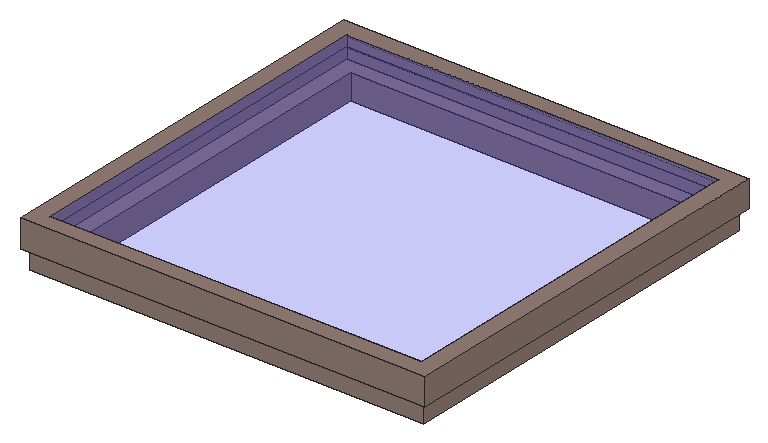
Revit family "0faf827d64ef466292f24e7f8bfae29e", category Windows, host Roof, Revit 2021
Family settings
  Host = Roof
  OmniClass Number = 23.30.30.00
  OmniClass Title = Skylights
  Always vertical = No
  Cut with Voids When Loaded = No
  Shared = No
  Room Calculation Point = No
Parameters (values of type "36" x 36"")
  Width = 3' - 0"
  Visual Light Transmittance = 0.9
  Thermal Resistance (R) = 0.9899 (h·ft²·°F)/BTU
  Solar Heat Gain Coefficient = 0.86
  Rough Width = Width + 0' 0 1/2"  # 3' - 0 1/2"
  Rough Height = Height + 0' 0 1/2"  # 3' - 0 1/2"
  Height = 3' - 0"
  Heat Transfer Coefficient (U) = 1.0102 BTU/(h·ft²·°F)
  Glass Panel Material = Glass
  Frame Material = Metal - Bronze, Light Brush
  Fire Rating = "0.5h"
  Base Height = 0' - 3 1/4"
  Assembly Code = "B2020100"
  Analytic Construction = "Single-glazed windows - domestic"
Reference planes (in)
  plane 1 "Center (Front/Back)": y = 0
  plane 2 "Roof": z = 144
  plane 3 "Center (Left/Right)": x = 0
  plane 4: x = -18
  plane 5: x = 18
  plane 6: y = 18
  plane 7: y = -18
  plane 8: y = 15.5
  plane 9: y = -15.5
  plane 10: x = -15.5
  plane 11: x = 15.5
  plane 12: x = -18.5
  plane 13: x = 18.5
  plane 14: y = 18.5
  plane 15: y = -18.5
  plane 16: z = 153.25
  plane 17: z = 154.25
  plane 18: y = 17
  plane 19: y = -17
  plane 20: x = -17
  plane 21: x = 17
  plane 22: z = 152.25
Forms (in)
  Sweep 1, solid, material "Metal - Bronze, Light Brush" <- "Frame Material"
    path origin (0, 0, 144) x (1, 0, 0) y (0, 1, 0)
      loop
        line (-18, 18) -> (-18, -18) -> (18, -18) -> (18, 18) -> (-18, 18)
    profile origin (0, 18, 144) x (0, 1, 0) y (0, 0, 1)
      loop
        line (0, 6) -> (0, 9.25) -> (-1, 9.25) -> (-1, 8.25) -> (-2.5, 8.25) -> (-2.5, 6) -> (0, 6)
  Sweep 2, solid, material "Metal - Bronze, Light Brush" <- "Frame Material"
    path origin (0, 0, 144) x (1, 0, 0) y (0, 1, 0)
      loop
        line (-18, 18) -> (-18, -18) -> (18, -18) -> (18, 18) -> (-18, 18)
    profile origin (0, 18, 144) x (0, 1, 0) y (0, 0, 1)
      loop
        line (-1, 9.25) -> (0, 9.25) -> (0, 7.75) -> (0.5, 7.75) -> (0.5, 10.25) -> (-1, 10.25) -> (-1, 9.25)
  Extrusion 3, solid, material "Glass" <- "Glass Panel Material"
    sketch origin (-9, -180, 154.25) x (-1, 0, 0) y (0, -1, 0)
      loop
        line (8, -197) -> (8, -163) -> (-26, -163) -> (-26, -197) -> (8, -197)
    from 0 to -0.21875
Lines and regions (in)
  Opening 1
    outline origin (0, 0, 150) x (0, 1, 0) y (-1, 0, 0)
      loop
        line (15.5, 15.5) -> (-15.5, 15.5) -> (-15.5, -15.5) -> (15.5, -15.5) -> (15.5, 15.5)
Dimensions and locks (in)
  equal spacing: host sketch curve, plane 3 "Center (Left/Right)", host sketch curve
  equal spacing: host sketch curve, plane 1 "Center (Front/Back)", host sketch curve
  equal spacing: plane 6, plane 1 "Center (Front/Back)", plane 7
  equal spacing: plane 4, plane 3 "Center (Left/Right)", plane 5
  "Width": plane 4 to plane 5
  "Height": plane 6 to plane 7
  locked: plane 6 to plane 8 at 2.5
  locked: plane 9 to plane 7 at 2.5
  locked: plane 4 to plane 10 at 2.5
  locked: plane 11 to plane 5 at 2.5
  locked: plane 12 to plane 4 at 0.5
  locked: plane 5 to plane 13 at 0.5
  locked: plane 7 to plane 15 at 0.5
  "Base Height": host roof to plane 16
  locked: plane 17 to plane 16 at 1
  locked: Sweep 2 sketch curve to plane 16 at 1.5
  locked: plane 6 to plane 18 at 1
  locked: plane 19 to plane 7 at 1
  locked: plane 4 to plane 20 at 1
  locked: plane 21 to plane 5 at 1
  locked: plane 22 to plane 16 at 1
  locked: plane 14 to plane 6 at 0.5
  aligned and locked: plane 2 "Roof" to level
  aligned and locked: Opening 1 sketch curve to plane 8
  aligned and locked: plane 10 to Opening 1 sketch curve
  aligned and locked: plane 9 to Opening 1 sketch curve
  aligned and locked: Opening 1 sketch curve to plane 11
  aligned and locked: Sweep 1 sketch curve to plane 6  (x2)
  aligned and locked: plane 4 to Sweep 1 sketch curve
  aligned and locked: plane 7 to Sweep 1 sketch curve
  aligned and locked: Sweep 1 sketch curve to plane 5
  aligned and locked: host roof to Sweep 1 sketch curve
  aligned and locked: plane 16 to Sweep 1 sketch curve
  aligned and locked: Sweep 2 sketch curve to Sweep 1  (x4)
  aligned and locked: plane 17 to Sweep 2 sketch curve
  aligned and locked: plane 14 to Sweep 2 sketch curve
  aligned and locked: Sweep 2 sketch curve to plane 6
  aligned and locked: plane 16 to Sweep 2 sketch curve
  aligned and locked: plane 18 to Sweep 2 sketch curve
  aligned and locked: Extrusion 3 to plane 21
  aligned and locked: plane 8 to Sweep 1 sketch curve
  aligned and locked: Sweep 1 sketch curve to plane 18
  aligned and locked: Sweep 1 sketch curve to plane 22
  aligned and locked: Extrusion 3 sketch curve to plane 19
  aligned and locked: plane 20 to Extrusion 3 sketch curve
  aligned and locked: Extrusion 3 to plane 18
Automatic sketch dimensions
  plane 18 to Extrusion 3 sketch curve = 0' - 0"
  plane 11 to Extrusion 3 sketch curve = 0' - 1 1/2"
